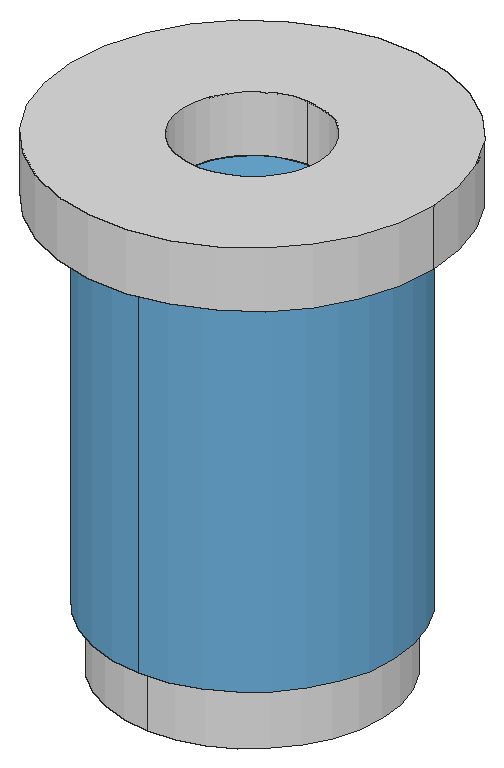
Revit family "Roxtec RS seals", category Duct Accessories, host Face, Revit 2017
Family settings
  Host = Face
  Round Connector Dimension = Use Diameter
  Part Type = Attaches To
  Cut with Voids When Loaded = No
  Shared = No
Parameters (values of type "RS 25")
  Weight (kg) = 0.04
  WarrantyGuarantorParts = ""
  WarrantyGuarantorLabor = ""
  WarrantyDurationUnit = ""
  WarrantyDurationParts = ""
  WarrantyDurationLabor = ""
  WarrantyDescription = ""
  Wall opening diameter = 25 mm
  Version = "2.0"  # constant formula
  Uniclass2015Version = ""
  Uniclass2015Title = ""
  Uniclass2015Code = ""
  URL = "https://www.roxtec.com/en/products/solutions/roxtec-rs-seal/"
  UNSPSC Code = ""
  Sähkönumero = "1753087"
  SustainabilityPerformance = ""
  Size = ""
  Shape = ""
  Roxtec RTD [instance] = ""
  Roxtec Product Title [instance] = if(and(Wall opening diameter = 25 mm), "RS 25 AISI316", if(and(Wall opening diameter = 50 mm), "RS 50 AISI316", if(and(Wall opening diameter = 75 mm), "RS 75 AISI316", if(and(Wall opening diameter = 100 mm), "RS 100 AISI316 WOC", if(and(Wall opening diameter = 125 mm), "RS 125 AISI316 WOC", if(and(Wall opening diameter = 150 mm), "RS 150 AISI316 WOC", if(and(Wall opening diameter = 175 mm), "RS 175 AISI316 WOC", if(and(Wall opening diameter = 200 mm), "RS 200 AISI316 WOC", if(and(Wall opening diameter = 225 mm), "RS 225 AISI316 WOC", "RS 250 AISI316 WOC")))))))))  # "RS 25 AISI316"
  Roxtec Product ID [instance] = if(and(Wall opening diameter = 25 mm), "RS00100251023", if(and(Wall opening diameter = 50 mm), "RS00100501023", if(and(Wall opening diameter = 75 mm), "RS00100751023", if(and(Wall opening diameter = 100 mm), "RS00001001023", if(and(Wall opening diameter = 125 mm), "RS00001251023", if(and(Wall opening diameter = 150 mm), "RS00001501023", if(and(Wall opening diameter = 175 mm), "RS00175750021", if(and(Wall opening diameter = 200 mm), "RS00200750021", if(and(Wall opening diameter = 225 mm), "RS00002250021", "RS00002500021")))))))))  # "RS00100251023"
  Sealing material = Roxylon blue
  Revision = ""
  ReplacementCost = ""
  ProductInformation = ""
  ProdLib_ID = ""
  NominalLength [instance] = 0 mm
  NominalHeight = 0 mm
  NominalDepth = 0 mm
  Name = ""
  NBSReference = ""
  NBSDescription = ""
  ModelReference = ""
  ModelNumber = ""
  ManufacturerURL = ""
  Manufacturer = "Roxtec"  # constant formula
  LVI Numero = ""
  IfcExportType = ""
  IfcExportAs = ""
  IfcClassification = ""
  IFC Classification = ""
  Grade = ""
  Frame material = Roxylon blue
  Finish = ""
  Features = ""
  ExpectedLife = ""
  ETIM Classification = "EC000220"  # constant formula
  DurationUnit = ""
  Description = "Sealing solutions for cables and pipes"
  Default Elevation = 0 mm
  core visibility = if((Wall opening diameter < 100 mm), 1 = 1, 1 = 0)  # yes
  Core material = Roxylon black
  Constituents = ""
  Color = ""
  Fitting material = Steel
  Max cable Ø = 12 mm
  Min cable Ø = 3.6 mm
  Sealing height = 32 mm
  Fitting thickness = 5 mm  # constant formula
  Front fitting diameter = if(and(Wall opening diameter = 248 mm), Wall opening diameter + 8 mm, if(and(Wall opening diameter = 25 mm), Wall opening diameter + 7 mm, Wall opening diameter + 10 mm))  # 32 mm
  CodePerformance = ""
  Category = ""
  COBie Type Category = ""
  BIMObjectName = ""
  Author = "ProdLIb Oy"  # constant formula
  AssetType = ""
  AccessibilityPerformance = ""
Types (11, lengths in mm): name | Weight (kg) | Wall opening diameter | Sähkönumero | Roxtec Product Title | Roxtec Product ID | core visibility | Max cable Ø | Min cable Ø | Sealing height | Front fitting diameter
  (no name) | 0.04 | 25 | "1753087" | "RS 25 AISI316" | "RS00100251023" | yes | 12 | 3.6 | 32 | 32
  RS 25 | 0.04 | 25 | "1753087" | "RS 25 AISI316" | "RS00100251023" | yes | 12 | 3.6 | 32 | 32
  RS 50 | 0.32 | 50 | "1753089" | "RS 50 AISI316" | "RS00100501023" | yes | 30 | 8 | 75 | 60
  RS 75 | 0.6 | 75 | "1753091" | "RS 75 AISI316" | "RS00100751023" | yes | 54 | 24 | 75 | 85
  RS 100 WOC | 0.8 | 100 | "1753092" | "RS 100 AISI316 WOC" | "RS00001001023" | no | 70 | 48 | 75 | 110
  RS 125 WOC | 1.2 | 125 | "1753092" | "RS 125 AISI316 WOC" | "RS00001251023" | no | 98 | 66 | 75 | 135
  RS 150 WOC | 1.6 | 150 | "1753092" | "RS 150 AISI316 WOC" | "RS00001501023" | no | 119 | 93 | 75 | 160
  RS 175 WOC | 2.3 | 175 | "1753092" | "RS 175 AISI316 WOC" | "RS00175750021" | no | 145 | 119 | 75 | 185
  RS 200 WOC | 2.7 | 200 | "1753092" | "RS 200 AISI316 WOC" | "RS00200750021" | no | 170 | 138 | 75 | 210
  RS 250 WOC | 3.3 | 250 | "1753092" | "RS 250 AISI316 WOC" | "RS00002500021" | no | 206 | 176 | 75 | 260
  RS 225 WOC | 3.2 | 225 | "1753092" | "RS 225 AISI316 WOC" | "RS00002250021" | no | 181 | 151 | 75 | 235
Reference planes
  plane 1 "Center (Front/Back)": y = 0
  plane 2: z = 0
  plane 3 "Center (Left/Right)": x = 0
  plane 4: y = 12.5
  plane 5: y = -12.5
  plane 6: z = -500
  plane 7: y = 1.8
  plane 8: y = -1.8
  plane 9: z = 5
  plane 10: z = -32
  plane 11: z = -37
  plane 12: y = 6
  plane 13: y = -6
  plane 14: x = -16
  plane 15: x = 16
  plane 16: y = 3.9
  plane 17: y = 4
  plane 18: y = -4
Forms (mm)
  Extrusion 1, void
    sketch origin (0, 0, 0) x (1, 0, 0) y (0, 1, 0)
      loop
        circle (0, 0) r 12.5
    from 0 to -500
  Extrusion 2, solid, material "Roxylon blue" <- "Frame material"
    sketch origin (0, 0, 0) x (1, 0, 0) y (0, 1, 0)
      loop
        circle (0, 0) r 12.5
      loop
        circle (0, 0) r 6
    from -32 to 0
  Extrusion 3, solid, material "Roxylon blue" <- "Sealing material"
    sketch origin (0, 0, 0) x (1, 0, 0) y (0, 1, 0)
      loop
        circle (0, 0) r 1.8
      loop
        circle (0, 0) r 6
    from -32 to 0
  Extrusion 4, solid, material "Steel" <- "Fitting material"
    sketch origin (0, 0, 0) x (1, 0, 0) y (0, 1, 0)
      loop
        circle (0, 0) r 11.5
      loop
        circle (0, 0) r 6
    from -37 to -32
  Extrusion 5, solid, material "Steel" <- "Fitting material"
    sketch origin (0, 0, 0) x (1, 0, 0) y (0, 1, 0)
      loop
        circle (0, 0) r 16
      loop
        circle (0, 0) r 6
    from 0 to 5
  Extrusion 6, solid, material "Roxylon black" <- "Core material", visible <- "core visibility"
    sketch origin (0, 0, 0) x (1, 0, 0) y (0, 1, 0)
      loop
        circle (0, 0) r 1.8
    from -32 to 0
Dimensions and locks
  equal spacing: plane 4, plane 1 "Center (Front/Back)", plane 5
  "Wall opening diameter": plane 4 to plane 5
  locked: level to plane 6 at 500
  equal spacing: plane 7, plane 1 "Center (Front/Back)", plane 8
  "Min cable Ø": plane 7 to plane 8
  "Fitting thickness": plane 9 to level
  "Fitting thickness": plane 10 to plane 11
  "Sealing height": plane 2 to plane 10
  equal spacing: plane 12, plane 1 "Center (Front/Back)", plane 13
  "Max cable Ø": plane 12 to plane 13
  equal spacing: plane 14, plane 3 "Center (Left/Right)", plane 15
  "Front fitting diameter": plane 14 to plane 15
  equal spacing: plane 12, plane 16, plane 7
  locked: plane 18 to plane 13 at 2
  locked: plane 12 to plane 17 at 2
  aligned and locked: plane 2 to host face
  aligned and locked: level to host face
  aligned and locked: Extrusion 1 to plane 6
  aligned and locked: level to Extrusion 1
  aligned and locked: Extrusion 2 to plane 10
  aligned and locked: level to Extrusion 2
  aligned and locked: Extrusion 4 to plane 11
  aligned and locked: plane 10 to Extrusion 4
  aligned and locked: plane 12 to Extrusion 5 sketch curve
  aligned and locked: plane 13 to Extrusion 5 sketch curve
  aligned and locked: plane 3 "Center (Left/Right)" to Extrusion 5 sketch curve  (x2)
  aligned and locked: plane 1 "Center (Front/Back)" to Extrusion 5 sketch curve  (x2)
  aligned and locked: plane 14 to Extrusion 5 sketch curve
  aligned and locked: plane 15 to Extrusion 5 sketch curve
  aligned and locked: plane 9 to Extrusion 5
  aligned and locked: Extrusion 5 to level
  aligned and locked: plane 7 to Extrusion 3 sketch curve
  aligned and locked: plane 8 to Extrusion 3 sketch curve
  aligned and locked: plane 3 "Center (Left/Right)" to Extrusion 3 sketch curve  (x4)
  aligned and locked: plane 12 to Extrusion 3 sketch curve
  aligned and locked: plane 13 to Extrusion 3 sketch curve
  aligned and locked: plane 4 to Extrusion 1 sketch curve
  aligned and locked: plane 5 to Extrusion 1 sketch curve
  aligned and locked: plane 3 "Center (Left/Right)" to Extrusion 1 sketch curve  (x2)
  aligned and locked: plane 4 to Extrusion 2 sketch curve
  aligned and locked: plane 5 to Extrusion 2 sketch curve
  aligned and locked: plane 3 "Center (Left/Right)" to Extrusion 4 sketch curve  (x2)
  aligned and locked: plane 12 to Extrusion 4 sketch curve
  aligned and locked: plane 13 to Extrusion 4 sketch curve
  aligned and locked: Extrusion 6 sketch curve to Extrusion 3
  aligned and locked: Extrusion 6 to plane 10
  aligned and locked: plane 2 to Extrusion 6
  aligned and locked: plane 2 to Extrusion 3
  aligned and locked: Extrusion 3 to plane 10
Automatic sketch dimensions
  host sketch curve to host sketch curve = 2438.4 mm  (x2)
  Extrusion 4 sketch curve to Extrusion 4 sketch curve = 0 mm  (x2)
  plane 5 to Extrusion 4 sketch curve = 1 mm
  Extrusion 2 sketch curve to Extrusion 2 sketch curve = 0 mm  (x2)
  Extrusion 2 sketch curve to plane 3 "Center (Left/Right)" = 0 mm
  Extrusion 2 sketch curve to plane 13 = 0 mm
